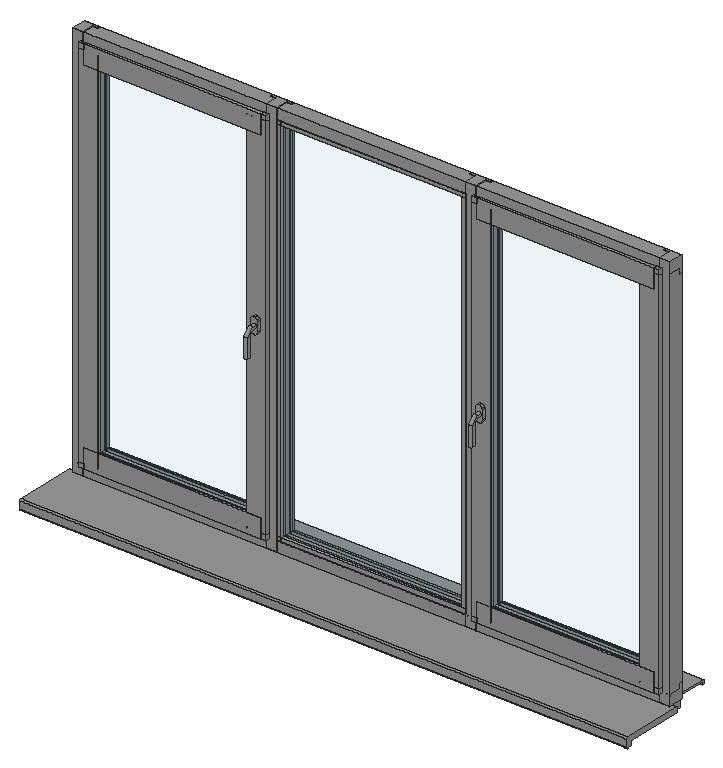
Revit family "deceuninck_okonniy_blok_trehstvorchatiy", category Окна, Revit 2016
Family settings
  Основа = Стена
  Номер OmniClass = 23.30.20.00
  Заголовок OmniClass = Windows
  Всегда вертикально = Да
  При загрузке вырезать с полостями = Нет
  Общий = Нет
  Точка расчета площади = Нет
Parameters (values of type "Энвин ЭКО-60")
  Ширина профиля = 60 mm
  Ширина проема [instance] = ADSK_Ширина рамы + Монтажный зазор.Левый + Монтажный зазор.Правый  # 2440 mm
  Шир прав створка [instance] = if(Одинковые створки, ADSK_Ширина рамы / 3, Створка правая.Ширина)  # 800 mm
  Шир лев створка [instance] = if(Одинковые створки, ADSK_Ширина рамы / 3, Створка левая.Ширина)  # 800 mm
  Четверть.Ширина [instance] = 65 mm
  Четверть.Правая [instance] = if(and(Четверть правая.Видимость, Четверть), Четверть.Ширина, 0 mm)  # 65 mm
  Четверть.Левая [instance] = if(and(Четверть левая.Видимость, Четверть), Четверть.Ширина, 0 mm)  # 65 mm
  Четверть.Глубина [instance] = 120 mm
  Четверть.Высота [instance] = 65 mm
  Четверть правая.Видимость [instance] = yes
  Четверть левая.Видимость [instance] = yes
  Четверть.Врхняя [instance] = if(Четверть, Четверть.Высота, 0 mm)  # 65 mm
  Четверть [instance] = yes
  Цвет профиля = ""
  Формула стеклопакета = ""
  Толщина стеклопакета = "32"
  Стеклопакет.Толщина = 32 mm
  Створка центральная [instance] = stvorka : Глухая
  Створка правая.Ширина [instance] = 800 mm
  Створка правая [instance] = stvorka : Поворотно-откидная право
  Створка центральная.Ширина [instance] = ADSK_Ширина рамы - Шир прав створка - Шир лев створка  # 800 mm
  Створка левая.Ширина [instance] = 800 mm
  Створка левая [instance] = stvorka : Поворотно-откидная лево
  Система фурнитуры [instance] = ""
  Расчетное значение ветровой нагрузки [instance] = 400
  Рама.Окно.Ширина [instance] = 2400 mm
  Рама.Окно.Высота [instance] = 1600 mm
  Профильная система = "Энвин ЭКО 60"
  Проем.Окно.Ширина [instance] = 2440 mm
  Проем.Окно.Высота [instance] = 1655 mm
  Приточный клапан [instance] = yes
  Watermarked By = ""
  Rough Width = 0 mm  # constant formula
  Rough Height = 0 mm  # constant formula
  Подоконник.Глубина [instance] = 0 mm
  Подоконник. Видимость [instance] = yes
  Подоконник [instance] = podokonnik : ПВХ 250
  Площаль элемента [instance] = ADSK_Ширина рамы * ADSK_Высота рамы / 1000000 mm  # 3.84 mm
  Отлив.Свес [instance] = 35 mm
  Отлив.Видимость [instance] = yes
  Откосы.Глубина [instance] = 310 mm
  Одинковые створки [instance] = no
  Огнестойкость = "Е-15"
  Наименование = "Окно 3-створчатое Энвин ЭКО-60"
  Монтажный зазор.Спереди [instance] = 10 mm
  Монтажный зазор.Правый [instance] = if(Четверть правая.Видимость, Монтажный зазор.Боковой, 0 mm)  # 20 mm
  Монтажный зазор.Низ [instance] = 10 mm
  Монтажный зазор.Левый [instance] = if(Четверть левая.Видимость, Монтажный зазор.Боковой, 0 mm)  # 20 mm
  Монтажный зазор.Верх [instance] = 20 mm
  Монтажный зазор.Боковой = 20 mm
  Материал-Стеклопакет = none
  Материал-Рама = none
  Материал-Подоконник = ПВХ, белый
  Материал-Отлив = Лист оцинкованый, белый
  Класс профиля = "Тип В"
  Завод-изготовитель [instance] = "ООО Декёнинк Рус, Россия"  # constant formula
  ГОСТ = "ГОСТ 30673-2013"
  Высота створки [instance] = ADSK_Высота рамы - 43 mm * 2  # 1514 mm
  Высота профиля створки = 76 mm
  Высота профиля рамы = 62 mm
  Высота профиля имоста = 82 mm
  Высота проема [instance] = ADSK_Высота рамы + 25 mm + Монтажный зазор.Верх + Монтажный зазор.Низ  # 1655 mm
  Height = 0 mm  # constant formula
  Высота подоконника по умолчанию = 800 mm
  Замыкание стены = По основе
  Width = 0 mm  # constant formula
  Артикул створки/армирование рстворки = "ZE 60D  /  AR1"
  Артикул рамы/армирование рамы = "LE 60D  /  AR1"
  Артикул импоста/армирование импоста = "TE 60D  /  20 x 35"
  Аналитическая конструкция = "<Нет>"
  λ краевой зоны стеклопакета = 0.0600 (m²·K)/W
  Rстеклопакета = 0.7600 (m²·K)/W
  Rпрофиля = 0.6800 (m²·K)/W
  Rпривед [instance] = 1 / (((Ширина профиля / 1000 mm) * (5.4 - 4 * (Ширина профиля / 1000 mm)) / (1.8 * Rпрофиля / Rед)) + ((1.2 - 2 * (Ширина профиля / 1000 mm)) * (1.5 - 2 * (Ширина профиля / 1000 mm)) / (1.8 * Rстеклопакета / Rед)) + (5.4 - 8 * (Ширина профиля / 1000 mm)) * (λ краевой зоны стеклопакета / Rед))  # 0.61064
  Rед = 1.0000 (m²·K)/W
  Iфактич [instance] = ""
  Iтреб [instance] = if(or(Шир лев створка > Шир прав створка, Шир лев створка = Шир прав створка), ((Расчетное значение ветровой нагрузки / 1000000) * ((ADSK_Высота рамы / 10) ^ 4) * (Шир лев створка / 20) / (1 mm * 1920 mm * 210000 mm * (ADSK_Высота рамы / 3000)) * (25 - (40 * ((Шир лев створка / ADSK_Высота рамы) ^ 2)) + (16 * ((Шир лев створка / ADSK_Высота рамы) ^ 4)))) + ((Расчетное значение ветровой нагрузки / 1000000) * ((ADSK_Высота рамы / 10) ^ 4) * (Створка центральная.Ширина / 20) / (1 mm * 1920 mm * 210000 mm * (ADSK_Высота рамы / 3000)) * (25 - (40 * ((Створка центральная.Ширина / ADSK_Высота рамы) ^ 2)) + (16 * ((Створка центральная.Ширина / ADSK_Высота рамы) ^ 4)))), ((Расчетное значение ветровой нагрузки / 1000000) * ((ADSK_Высота рамы / 10) ^ 4) * (Створка центральная.Ширина / 20) / (1 mm * 1920 mm * 210000 mm * (ADSK_Высота рамы / 3000)) * (25 - (40 * ((Створка центральная.Ширина / ADSK_Высота рамы) ^ 2)) + (16 * ((Створка центральная.Ширина / ADSK_Высота рамы) ^ 4)))) + ((Расчетное значение ветровой нагрузки / 1000000) * ((ADSK_Высота рамы / 10) ^ 4) * (Шир прав створка / 20) / (1 mm * 1920 mm * 210000 mm * (ADSK_Высота рамы / 3000)) * (25 - (40 * ((Шир прав створка / ADSK_Высота рамы) ^ 2)) + (16 * ((Шир прав створка / ADSK_Высота рамы) ^ 4)))))  # 1.56 mm
  ADSK_Ширина рамы [instance] = 2400 mm
  ADSK_Позиция [instance] = ""
  ADSK_Высота рамы [instance] = 1600 mm
Reference planes
  plane 1 "По центру (Вперед/Назад)": y = 0
  plane 2 "По центру (Влево/Вправо)": x = 0
  plane 3 "Подоконник": z = 800
  plane 4 "Наружный": y = 250
  plane 5 "Внутренние": y = -250
  plane 6: x = -1220
  plane 7: x = 1220
  plane 8: x = -1155
  plane 9: x = 1155
  plane 10: y = 130
  plane 11: z = 2400
  plane 12: x = -1200
  plane 13: x = 1200
  plane 14: z = 775
  plane 15: z = 2420
  plane 16: z = 765
  plane 17: z = 2355
  plane 18: y = 120
  plane 19: y = 60
  plane 20: x = -1138
  plane 21: x = 1138
  plane 22: z = 2338
  plane 23: z = 862
  plane 24: x = 400
  plane 25: x = 359
  plane 26: x = 441
  plane 27: y = 107
  plane 28: y = 70
  plane 29: y = 450
  plane 30: x = -400
  plane 31: x = -441
  plane 32: x = -359
Forms (mm)
  Extrusion 1, void
    sketch origin (0, -250, 0) x (1, 0, 0) y (0, 0, 1)
      loop
        line (-1220, 2420) -> (-1220, 765) -> (1220, 765) -> (1220, 2420) -> (-1220, 2420)
    from 0 to -380
  Extrusion 2, void
    sketch origin (-2200.521, 130, 1000) x (1, 0, 0) y (0, 0, 1)
      loop
        line (1045.521, 1355) -> (1045.521, -235) -> (3355.521, -235) -> (3355.521, 1355) -> (1045.521, 1355)
    from 0 to -320
  Extrusion 3, solid, material <- "Материал-Рама", detail levels fine
    sketch origin (0, 0, 800) x (0, -1, 0) y (-1, 0, 0)
      loop
        line (-120, 1200) -> (-120, 1138) -> (-107, 1138) -> (-107, 1158) -> (-60, 1158) -> (-60, 1200) -> (-120, 1200)
      loop
        line (-120, -1138) -> (-120, -1200) -> (-60, -1200) -> (-60, -1158) -> (-107, -1158) -> (-107, -1138) -> (-120, -1138)
    from 0 to -1600
  Extrusion 4, solid, material <- "Материал-Рама", detail levels fine
    sketch origin (-750, 0, 0) x (0, -1, 0) y (0, 0, 1)
      loop
        line (-60, 800) -> (-60, 842) -> (-107, 842) -> (-107, 862) -> (-120, 862) -> (-120, 800) -> (-60, 800)
      loop
        line (-60, 2358) -> (-60, 2400) -> (-120, 2400) -> (-120, 2338) -> (-107, 2338) -> (-107, 2358) -> (-60, 2358)
    from 450 to -1950
  Extrusion 5, solid, material <- "Материал-Рама", detail levels fine
    sketch origin (0, 0, 800) x (0, -1, 0) y (-1, 0, 0)
      loop
        line (-120, -359) -> (-120, -441) -> (-107, -441) -> (-107, -421) -> (-60, -421) -> (-60, -379) -> (-107, -379) -> (-107, -359) -> (-120, -359)
    from 0 to -1600
  Extrusion 6, solid, material <- "Материал-Рама"
    sketch origin (-233.865, 107, 2257) x (0, 0, 1) y (-1, 0, 0)
      loop
        line (-1457, 966.135) -> (-1482, 966.135) -> (-1482, -1433.865) -> (-1457, -1433.865) -> (-1457, 966.135)
    from 0 to 37
  Extrusion 7, solid, material "Лист оцинкованый, белый" <- "Материал-Отлив", visible <- "Отлив.Видимость", detail levels fine
    sketch origin (1155, 531.754, 1000) x (0, 1, 0) y (0, 0, 1)
      loop
        line (-424.754, -225) -> (-251.754, -225) -> (-251.754, -235) -> (-246.754, -235) -> (-246.754, -220) -> (-424.754, -215) -> (-424.754, -225)
    from 0 to -2310
  Extrusion 8, solid, detail levels medium
    sketch origin (0, 0, 800) x (0, -1, 0) y (-1, 0, 0)
      loop
        line (-120, 1200) -> (-120, 1138) -> (-60, 1138) -> (-60, 1200) -> (-120, 1200)
      loop
        line (-120, -1200) -> (-60, -1200) -> (-60, -1138) -> (-120, -1138) -> (-120, -1200)
    from 0 to -1600
  Extrusion 9, solid, detail levels medium
    sketch origin (-750, 0, 0) x (0, -1, 0) y (0, 0, 1)
      loop
        line (-120, 2400) -> (-120, 2338) -> (-60, 2338) -> (-60, 2400) -> (-120, 2400)
      loop
        line (-60, 800) -> (-60, 862) -> (-120, 862) -> (-120, 800) -> (-60, 800)
    from -1950 to 450
  Extrusion 10, solid, detail levels coarse
    sketch origin (-750, 0, 0) x (0, -1, 0) y (0, 0, 1)
      loop
        line (-120, 2290) -> (-47, 2290) -> (-47, 2400) -> (-120, 2400) -> (-120, 2290)
      loop
        line (-47, 800) -> (-47, 912) -> (-120, 912) -> (-120, 800) -> (-47, 800)
    from -1950 to 450
  Extrusion 11, solid, detail levels medium
    sketch origin (0, 0, 800) x (0, -1, 0) y (-1, 0, 0)
      loop
        line (-120, -379) -> (-120, -421) -> (-60, -421) -> (-60, -379) -> (-120, -379)
    from 0 to -1600
  Extrusion 12, solid, detail levels fine
    sketch origin (0, 0, 800) x (0, -1, 0) y (-1, 0, 0)
      loop
        line (-120, 441) -> (-120, 359) -> (-107, 359) -> (-107, 379) -> (-60, 379) -> (-60, 421) -> (-107, 421) -> (-107, 441) -> (-120, 441)
    from 0 to -1600
  Extrusion 13, solid, detail levels medium
    sketch origin (0, 0, 0) x (1, 0, 0) y (0, 1, 0)
      loop
        line (-421, 120) -> (-421, 60) -> (-379, 60) -> (-379, 120) -> (-421, 120)
    from 800 to 2400
  Extrusion 14, solid, detail levels coarse
    sketch origin (0, 0, 0) x (1, 0, 0) y (0, 1, 0)
      loop
        line (311, 120) -> (311, 47) -> (489, 47) -> (489, 120) -> (311, 120)
    from 800 to 2400
  Extrusion 15, solid, detail levels coarse
    sketch origin (0, 0, 0) x (1, 0, 0) y (0, 1, 0)
      loop
        line (-489, 120) -> (-489, 47) -> (-311, 47) -> (-311, 120) -> (-489, 120)
    from 800 to 2400
  Extrusion 16, solid, detail levels coarse
    sketch origin (0, 0, 0) x (1, 0, 0) y (0, 1, 0)
      loop
        line (-1200, 120) -> (-1200, 47) -> (-1090, 47) -> (-1090, 120) -> (-1200, 120)
      loop
        line (1090, 120) -> (1090, 47) -> (1200, 47) -> (1200, 120) -> (1090, 120)
    from 800 to 2400
Lines and regions (mm)
  symbolic lines, style "Windows"
    curve 1: line (-1200, 130, 0) -> (1200, 130, 0)
Text (mm)
  text "Наружный" at (0, 923.751, 2943.296), in view "Справа"
  text "Наружный" at (0, 1040.484, 2685.409), in view "Слева"
Dimensions and locks
  "Высота подоконника по умолчанию": plane 3 "Подоконник" to level
  locked: plane 4 "Наружный" to host wall at 0
  locked: plane 5 "Внутренние" to host wall
  "Четверть.Глубина": plane 10 to plane 4 "Наружный"
  "ADSK_Высота рамы": plane 11 to plane 3 "Подоконник"
  "Монтажный зазор.Верх": plane 15 to plane 11
  locked: plane 3 "Подоконник" to plane 14 at 25
  "Монтажный зазор.Низ": plane 14 to plane 16
  "Четверть.Врхняя": plane 15 to plane 17
  equal spacing: plane 13, plane 2 "По центру (Влево/Вправо)", plane 12
  "ADSK_Ширина рамы": plane 13 to plane 12
  "Четверть.Левая": plane 8 to plane 6
  "Четверть.Правая": plane 7 to plane 9
  "Монтажный зазор.Левый": plane 12 to plane 6
  "Монтажный зазор.Правый": plane 13 to plane 7
  "Монтажный зазор.Спереди": plane 10 to plane 18
  "Ширина профиля": plane 18 to plane 19
  "Высота профиля рамы": plane 12 to plane 20
  locked: Extrusion 3 sketch curve to Extrusion 3 sketch curve at 13  (x2)
  locked: Extrusion 3 sketch curve to Extrusion 3 sketch curve at 20  (x2)
  "Высота профиля рамы": plane 21 to plane 13
  "Высота профиля рамы": plane 11 to plane 22
  "Высота профиля рамы": plane 3 "Подоконник" to plane 23
  locked: Extrusion 4 sketch curve to Extrusion 4 sketch curve at 13  (x2)
  locked: Extrusion 4 sketch curve to Extrusion 4 sketch curve at 20  (x2)
  equal spacing: plane 25, plane 24, plane 26
  "Высота профиля имоста": plane 25 to plane 26
  locked: Extrusion 5 sketch curve to plane 26 at 20
  locked: plane 25 to Extrusion 5 sketch curve at 20
  locked: plane 18 to plane 27 at 13
  locked: plane 28 to plane 19 at 10
  locked: Extrusion 7 sketch curve to Extrusion 7 sketch curve at 5  (x2)
  locked: Extrusion 7 sketch curve to Extrusion 7 sketch curve at 10
  "Отлив.Свес": Extrusion 7 to plane 4 "Наружный"
  locked: plane 4 "Наружный" to plane 29 at 200
  "Шир лев створка": plane 30 to plane 12
  equal spacing: plane 31, plane 30, plane 32
  "Высота профиля имоста": plane 31 to plane 32
  locked: Extrusion 12 sketch curve to Extrusion 12 sketch curve at 20  (x2)
  "Шир прав створка": plane 24 to plane 13
  "Откосы.Глубина": plane 19 to plane 5 "Внутренние"
  "Проем.Окно.Высота": plane 15 to plane 16
  "Рама.Окно.Высота": plane 11 to plane 3 "Подоконник"
  "Проем.Окно.Ширина": plane 7 to plane 6
  "Рама.Окно.Ширина": plane 13 to plane 12
  aligned and locked: Extrusion 1 sketch curve to plane 15
  aligned and locked: Extrusion 1 sketch curve to plane 6
  aligned and locked: Extrusion 1 sketch curve to plane 7
  aligned and locked: Extrusion 1 sketch curve to plane 16
  aligned and locked: plane 10 to Extrusion 1
  aligned and locked: Extrusion 2 sketch curve to plane 17
  aligned and locked: Extrusion 2 sketch curve to plane 8
  aligned and locked: Extrusion 2 sketch curve to plane 9
  aligned and locked: Extrusion 2 sketch curve to plane 16
  aligned and locked: Extrusion 3 sketch curve to plane 18
  aligned and locked: Extrusion 3 sketch curve to plane 19
  aligned and locked: Extrusion 3 sketch curve to plane 20
  aligned and locked: Extrusion 3 sketch curve to plane 12
  aligned and locked: plane 18 to Extrusion 3 sketch curve
  aligned and locked: plane 19 to Extrusion 3 sketch curve
  aligned and locked: Extrusion 3 sketch curve to plane 13
  aligned and locked: Extrusion 3 sketch curve to plane 21
  aligned and locked: plane 11 to Extrusion 3
  aligned and locked: Extrusion 4 sketch curve to plane 19  (x2)
  aligned and locked: Extrusion 4 sketch curve to plane 18  (x2)
  aligned and locked: Extrusion 4 sketch curve to plane 23
  aligned and locked: Extrusion 4 sketch curve to plane 3 "Подоконник"
  aligned and locked: Extrusion 4 sketch curve to plane 22
  aligned and locked: Extrusion 4 sketch curve to plane 11
  aligned and locked: Extrusion 4 to plane 13
  aligned and locked: Extrusion 4 to plane 12
  aligned and locked: Extrusion 5 sketch curve to plane 18
  aligned and locked: Extrusion 5 sketch curve to plane 19
  aligned and locked: plane 11 to Extrusion 5
  aligned and locked: plane 27 to nested 1
  aligned and locked: nested 1 to Extrusion 4
  aligned and locked: nested 1 to Extrusion 3
  aligned and locked: Extrusion 5 to nested 1
  aligned and locked: nested 2 to Extrusion 4
  aligned and locked: plane 27 to nested 2
  aligned and locked: Extrusion 3 to nested 2
  aligned and locked: Extrusion 6 sketch curve to plane 12
  aligned and locked: Extrusion 6 sketch curve to plane 3 "Подоконник"
  aligned and locked: Extrusion 6 sketch curve to plane 14
  aligned and locked: plane 13 to Extrusion 6 sketch curve
  aligned and locked: plane 28 to Extrusion 6
  aligned and locked: nested 3 to plane 3 "Подоконник"
  aligned and locked: plane 28 to nested 3
  aligned and locked: nested 3 to plane 2 "По центру (Влево/Вправо)"
  aligned and locked: plane 14 to Extrusion 7 sketch curve
  aligned and locked: Extrusion 7 to plane 8
  aligned and locked: plane 27 to Extrusion 7 sketch curve
  aligned and locked: plane 29 to Extrusion 2
  aligned and locked: curve 1 to plane 10
  aligned and locked: plane 11 to Extrusion 8
  aligned and locked: Extrusion 9 sketch curve to plane 11
  aligned and locked: Extrusion 9 sketch curve to plane 22
  aligned and locked: Extrusion 9 sketch curve to plane 19  (x2)
  aligned and locked: Extrusion 9 sketch curve to plane 18  (x2)
  aligned and locked: Extrusion 9 sketch curve to plane 3 "Подоконник"
  aligned and locked: Extrusion 9 sketch curve to plane 23
  aligned and locked: Extrusion 9 to plane 13
  aligned and locked: Extrusion 8 sketch curve to plane 20
  aligned and locked: Extrusion 8 sketch curve to plane 19  (x2)
  aligned and locked: Extrusion 8 sketch curve to plane 12
  aligned and locked: plane 13 to Extrusion 8 sketch curve
  aligned and locked: plane 21 to Extrusion 8 sketch curve
  aligned and locked: Extrusion 10 sketch curve to plane 18
  aligned and locked: Extrusion 10 sketch curve to plane 11
  aligned and locked: Extrusion 10 sketch curve to nested 2
  aligned and locked: Extrusion 10 sketch curve to plane 3 "Подоконник"
  aligned and locked: nested 2 to Extrusion 10 sketch curve
  aligned and locked: Extrusion 10 to plane 13
  aligned and locked: Extrusion 8 sketch curve to plane 18  (x2)
  aligned and locked: Extrusion 11 sketch curve to Extrusion 5  (x3)
  aligned and locked: plane 11 to Extrusion 11
  aligned and locked: Extrusion 10 to plane 12
  aligned and locked: Extrusion 9 to plane 12
  aligned and locked: Extrusion 12 sketch curve to plane 18
  aligned and locked: Extrusion 12 sketch curve to plane 19
  aligned and locked: Extrusion 12 sketch curve to plane 32
  aligned and locked: Extrusion 12 sketch curve to plane 31
  aligned and locked: Extrusion 12 sketch curve to plane 27  (x2)
  aligned and locked: plane 3 "Подоконник" to Extrusion 12
  aligned and locked: plane 3 "Подоконник" to Extrusion 5
  aligned and locked: plane 11 to Extrusion 12
  aligned and locked: nested 2 to Extrusion 12
  aligned and locked: nested 4 to Extrusion 4
  aligned and locked: plane 27 to nested 4
  aligned and locked: Extrusion 12 to nested 4
  aligned and locked: nested 4 to Extrusion 5
  aligned and locked: Extrusion 13 sketch curve to Extrusion 12  (x3)
  aligned and locked: Extrusion 12 to Extrusion 13 sketch curve
  aligned and locked: plane 11 to Extrusion 13
  aligned and locked: plane 3 "Подоконник" to Extrusion 13
  aligned and locked: Extrusion 14 sketch curve to plane 18
  aligned and locked: Extrusion 10 to Extrusion 14 sketch curve
  aligned and locked: Extrusion 14 sketch curve to nested 4
  aligned and locked: nested 1 to Extrusion 14 sketch curve
  aligned and locked: Extrusion 15 sketch curve to nested 2
  aligned and locked: nested 4 to Extrusion 15 sketch curve
  aligned and locked: Extrusion 10 to Extrusion 15 sketch curve
  aligned and locked: Extrusion 15 sketch curve to plane 18
  aligned and locked: plane 11 to Extrusion 15
  aligned and locked: plane 3 "Подоконник" to Extrusion 15
  aligned and locked: plane 3 "Подоконник" to Extrusion 14
  aligned and locked: plane 11 to Extrusion 14
  aligned and locked: Extrusion 16 sketch curve to plane 12
  aligned and locked: nested 2 to Extrusion 16 sketch curve
  aligned and locked: Extrusion 16 sketch curve to plane 18  (x2)
  aligned and locked: Extrusion 16 sketch curve to Extrusion 10
  aligned and locked: Extrusion 10 to Extrusion 16 sketch curve
  aligned and locked: plane 13 to Extrusion 16 sketch curve
  aligned and locked: Extrusion 16 sketch curve to nested 1
  aligned and locked: plane 11 to Extrusion 16
  aligned and locked: plane 3 "Подоконник" to Extrusion 16
Automatic sketch dimensions
  host wall to Extrusion 7 sketch curve = 30 mm
  Extrusion 7 sketch curve to Extrusion 7 sketch curve = 10 mm
  curve 1 to plane 12 = 0 mm
  curve 1 to plane 13 = 0 mm
  plane 27 to Extrusion 5 sketch curve = 0 mm  (x2)
  Extrusion 5 sketch curve to plane 25 = 0 mm
  Extrusion 5 sketch curve to plane 26 = 0 mm
  Extrusion 10 sketch curve to plane 18 = 0 mm
  Extrusion 10 sketch curve to plane 19 = 13 mm  (x2)
  Extrusion 11 sketch curve to plane 18 = 0 mm
Nested families
  nested 1: "stvorka" at (789.5, 107, 844), Профиль.Ширина <- "Ширина профиля", Створка.Высота <- "Высота створки", type <- "Створка правая", Стеклопакет.Толщина <- "Стеклопакет.Толщина", Профиль.Высота <- "Высота профиля створки", type "Поворотно-откидная право"
    with Стеклопакет.Толщина 32 mm, Створка.Ширина 737 mm, Створка.Высота 1514 mm, Ручка.Расстояние от низа створки 757 mm, Профиль.Ширина 60 mm, Профиль.Высота 76 mm, Материал.Профиль none
  nested 2: "stvorka" at (-789.5, 107, 844), Профиль.Ширина <- "Ширина профиля", Створка.Высота <- "Высота створки", type <- "Створка левая", Стеклопакет.Толщина <- "Стеклопакет.Толщина", Профиль.Высота <- "Высота профиля створки", type "Поворотно-откидная лево"
    with Стеклопакет.Толщина 32 mm, Створка.Ширина 737 mm, Створка.Высота 1514 mm, Ручка.Расстояние от низа створки 757 mm, Профиль.Ширина 60 mm, Профиль.Высота 76 mm, Материал.Профиль none
  nested 3: "podokonnik" at (0, 70, 800), Материал-Подоконник <- "Материал-Подоконник", Длина подоконника <- "Ширина проема", type <- "Подоконник", visible <- "Подоконник. Видимость", type "ПВХ 250", detail levels fine
    with Материал-Подоконник ПВХ, белый, Длина подоконника 2440 mm
  nested 4: "stvorka" at (0, 107, 844), Профиль.Ширина <- "Ширина профиля", Створка.Высота <- "Высота створки", Стеклопакет.Толщина <- "Стеклопакет.Толщина", type <- "Створка центральная", Профиль.Высота <- "Высота профиля створки", type "Глухая"
    with Стеклопакет.Толщина 32 mm, Створка.Ширина 758 mm, Створка.Высота 1514 mm, Ручка.Расстояние от низа створки 757 mm, Профиль.Ширина 60 mm, Профиль.Высота 76 mm, Материал.Профиль none
Definition of nested family "stvorka"
  Parameters (values of type "Поворотно-откидная лево")
    Стеклопакет.Толщина [instance] = 32 mm
    Створка.Ширина [instance] = 700 mm
    Створка.Открытие = not(Створка.Глухая)  # yes
    Створка.Высота [instance] = 1400 mm
    Ручка.Расстояние от низа створки [instance] = Створка.Высота / 2  # 700 mm
    Ручка справа = yes
    Ручка снизу = no
    Ручка слева = no
    Ручка сверху. = no
    Профиль.Ширина [instance] = 58 mm
    Профиль.Высота [instance] = 77 mm
    Открывание правое = no
    Открывание низ = no
    Открывание левое = yes
    Открывание верх = yes
    Створка.Глухая = no
    Материал.Стеклопакет = none
    Материал.Профиль [instance] = none
    Watermarked By = ""
    Type Comments = "﻿﻿              ​     ​                                                 ​     ﻿                                       ​  ﻿﻿          ﻿﻿            ﻿﻿   ﻿        ﻿          ﻿﻿"
    Keynote = "﻿﻿              ​     ​                                                 ​     ﻿                                       ​  ﻿﻿          ﻿﻿            ﻿﻿   ﻿        ﻿          ﻿﻿"
    Description = "﻿﻿              ​     ​                                                 ​     ﻿                                       ​  ﻿﻿          ﻿﻿            ﻿﻿   ﻿        ﻿          ﻿﻿"
    Assembly Code = "﻿﻿              ​     ​                                                 ​     ﻿                                       ​  ﻿﻿          ﻿﻿            ﻿﻿   ﻿        ﻿          ﻿﻿"
    Analytic Construction = "<Нет>"
  Types (5, lengths in mm): name | Створка.Ширина | Створка.Открытие | Створка.Высота | Ручка.Расстояние от низа створки | Ручка справа | Ручка слева | Открывание правое | Открывание левое | Открывание верх | Створка.Глухая
    Глухая | 600 | no | 1500 | 750 | no | no | no | no | no | yes
    Поворотная право | 600 | yes | 1500 | 750 | no | yes | yes | no | no | no
    Поворотная лево | 600 | yes | 1500 | 750 | yes | no | no | yes | no | no
    Поворотно-откидная право | 600 | yes | 1500 | 750 | no | yes | yes | no | yes | no
    Поворотно-откидная лево | 700 | yes | 1400 | 700 | yes | no | no | yes | yes | no
  Reference planes
    plane 1 "По центру (Вперед/Назад)": y = 0
    plane 2: z = 0
    plane 3 "По центру (Влево/Вправо)": x = 0
    plane 4: x = -338
    plane 5: x = 338
    plane 6: y = -58
    plane 7: z = 1400
    plane 8: y = -16
    plane 9: y = -48
    plane 10: y = -51
    plane 11: x = -350
    plane 12: x = 350
    plane 13: z = 12
    plane 14: z = -8
    plane 15: z = 1408
    plane 16: z = 1388
    plane 17: z = 700
    plane 18: x = -358
    plane 19: x = -281
    plane 20: x = 358
    plane 21: x = 281
    plane 22: z = 1331
    plane 23: z = 69
    plane 24: z = 700
  Forms (mm)
    Extrusion 1, solid, material <- "Материал.Профиль", visible <- "Створка.Открытие", detail levels fine
      sketch origin (0, 0, 0) x (1, 0, 0) y (0, 1, 0)
        loop
          line (-338, 0) -> (-338, -45) -> (-358, -45) -> (-358, -58) -> (-281, -58) -> (-281, -51) -> (-301, -51) -> (-301, -13) -> (-281, -13) -> (-284, 0) -> (-338, 0)
        loop
          line (338, 0) -> (284, 0) -> (281, -13) -> (301, -13) -> (301, -51) -> (281, -51) -> (281, -58) -> (358, -58) -> (358, -45) -> (338, -45) -> (338, 0)
      from 12 to 1388
    Extrusion 2, solid, visible <- "Створка.Открытие", detail levels fine
      sketch origin (0, 0, 0) x (1, 0, 0) y (0, 1, 0)
        loop
          line (-301, -13) -> (-301, -51) -> (-281, -51) -> (-281, -48) -> (-291, -48) -> (-291, -16) -> (-281, -16) -> (-281, -13) -> (-301, -13)
        loop
          line (301, -13) -> (281, -13) -> (281, -16) -> (291, -16) -> (291, -48) -> (281, -48) -> (281, -51) -> (301, -51) -> (301, -13)
      from 49 to 1351
    Extrusion 3, solid, material <- "Материал.Профиль", visible <- "Створка.Открытие", detail levels fine
      sketch origin (0, 0, 12) x (0, 1, 0) y (0, 0, 1)
        loop
          line (-58, 57) -> (-58, -20) -> (-45, -20) -> (-45, 0) -> (0, 0) -> (0, 54) -> (-13, 57) -> (-13, 37) -> (-51, 37) -> (-51, 57) -> (-58, 57)
        loop
          line (-58, 1319) -> (-51, 1319) -> (-51, 1339) -> (-13, 1339) -> (-13, 1319) -> (0, 1322) -> (0, 1376) -> (-45, 1376) -> (-45, 1396) -> (-58, 1396) -> (-58, 1319)
      from -338 to 338
    Extrusion 4, solid, visible <- "Створка.Открытие", detail levels fine
      sketch origin (0, 0, 0) x (0, 1, 0) y (0, 0, 1)
        loop
          line (-16, 69) -> (-16, 59) -> (-48, 59) -> (-48, 69) -> (-51, 69) -> (-51, 49) -> (-13, 49) -> (-13, 69) -> (-16, 69)
        loop
          line (-51, 1351) -> (-51, 1331) -> (-48, 1331) -> (-48, 1341) -> (-16, 1341) -> (-16, 1331) -> (-13, 1331) -> (-13, 1351) -> (-51, 1351)
      from -301 to 301
    Extrusion 5, solid, material <- "Материал.Профиль", visible <- "Створка.Открытие", detail levels fine
      sketch origin (-963, -48, 1200) x (-1, 0, 0) y (0, 0, 1)
        loop
          line (-605, 208) -> (-625, 208) -> (-625, 188) -> (-605, 188) -> (-605, 208)
        loop
          line (-1301, 208) -> (-1321, 208) -> (-1321, 188) -> (-1301, 188) -> (-1301, 208)
        loop
          line (-625, -1188) -> (-625, -1208) -> (-605, -1208) -> (-605, -1188) -> (-625, -1188)
        loop
          line (-1321, -1188) -> (-1321, -1208) -> (-1301, -1208) -> (-1301, -1188) -> (-1321, -1188)
      from 3 to -10
    Extrusion 6, solid, material <- "Материал.Стеклопакет", visible <- "Створка.Открытие"
      sketch origin (0, -16, 59) x (0, -1, 0) y (1, 0, 0)
        loop
          line (0, 291) -> (0, -291) -> (32, -291) -> (32, 291) -> (0, 291)
      from 0 to 1282
    Extrusion 7, solid, material <- "Материал.Профиль", visible <- "Створка.Открытие", detail levels medium
      sketch origin (0, 0, 0) x (1, 0, 0) y (0, 1, 0)
        loop
          line (-281, 0) -> (-358, 0) -> (-358, -58) -> (-281, -58) -> (-281, 0)
        loop
          line (358, 0) -> (281, 0) -> (281, -58) -> (358, -58) -> (358, 0)
      from 12 to 1388
    Extrusion 8, solid, material <- "Материал.Профиль", visible <- "Створка.Открытие", detail levels medium
      sketch origin (0, 0, 0) x (0, 1, 0) y (0, 0, 1)
        loop
          line (0, 1408) -> (-58, 1408) -> (-58, 1331) -> (0, 1331) -> (0, 1408)
        loop
          line (0, 69) -> (-58, 69) -> (-58, -8) -> (0, -8) -> (0, 69)
      from -358 to 358
    Extrusion 9, solid, material <- "Материал.Профиль", visible <- "Створка.Глухая", detail levels fine
      sketch origin (0, 0, 0) x (0, 1, 0) y (0, 0, 1)
        loop
          line (-45, 1400) -> (-45, 1383) -> (-38, 1380) -> (-38, 1400) -> (-45, 1400)
        loop
          line (-45, 0) -> (-38, 0) -> (-38, 20) -> (-45, 17) -> (-45, 0)
      from -350 to 350
    Extrusion 10, solid, visible <- "Створка.Глухая", detail levels fine
      sketch origin (0, 0, 0) x (0, 1, 0) y (0, 0, 1)
        loop
          line (0, 1400) -> (-38, 1400) -> (-38, 1380) -> (-35, 1380) -> (-35, 1390) -> (-3, 1390) -> (-3, 1380) -> (0, 1380) -> (0, 1400)
        loop
          line (0, 0) -> (0, 20) -> (-3, 20) -> (-3, 10) -> (-35, 10) -> (-35, 20) -> (-38, 20) -> (-38, 0) -> (0, 0)
      from -350 to 350
    Extrusion 11, solid, visible <- "Створка.Глухая", detail levels fine
      sketch origin (0, 0, 0) x (1, 0, 0) y (0, 1, 0)
        loop
          line (-350, 0) -> (-350, -38) -> (-330, -38) -> (-330, -35) -> (-340, -35) -> (-340, -3) -> (-330, -3) -> (-330, 0) -> (-350, 0)
        loop
          line (350, 0) -> (330, 0) -> (330, -3) -> (340, -3) -> (340, -35) -> (330, -35) -> (330, -38) -> (350, -38) -> (350, 0)
      from 0 to 1400
    Extrusion 12, solid, material <- "Материал.Профиль", visible <- "Створка.Глухая", detail levels fine
      sketch origin (0, 0, 0) x (1, 0, 0) y (0, 1, 0)
        loop
          line (-350, -38) -> (-350, -45) -> (-333, -45) -> (-330, -38) -> (-350, -38)
        loop
          line (350, -38) -> (330, -38) -> (333, -45) -> (350, -45) -> (350, -38)
      from 0 to 1400
    Extrusion 13, solid, material <- "Материал.Стеклопакет", visible <- "Створка.Глухая"
      sketch origin (0, 0, 0) x (1, 0, 0) y (0, 1, 0)
        loop
          line (-340, -3) -> (-340, -35) -> (340, -35) -> (340, -3) -> (-340, -3)
      from 10 to 1390
    Extrusion 14, solid, material <- "Материал.Профиль", visible <- "Створка.Глухая", detail levels medium
      sketch origin (0, 0, 0) x (1, 0, 0) y (0, 1, 0)
        loop
          line (-330, 0) -> (-350, 0) -> (-350, -45) -> (-330, -45) -> (-330, 0)
        loop
          line (350, 0) -> (330, 0) -> (330, -45) -> (350, -45) -> (350, 0)
      from 0 to 1400
    Extrusion 15, solid, material <- "Материал.Профиль", visible <- "Створка.Глухая", detail levels medium
      sketch origin (-350, 682.027, 1200) x (0, 1, 0) y (0, 0, 1)
        loop
          line (-682.027, 180) -> (-682.027, 200) -> (-727.027, 200) -> (-727.027, 180) -> (-682.027, 180)
        loop
          line (-682.027, -1200) -> (-682.027, -1180) -> (-727.027, -1180) -> (-727.027, -1200) -> (-682.027, -1200)
      from 0 to 700
  Lines and regions (mm)
    symbolic lines, visible <- "Открывание правое"
      curve 1: line (281, 0, 1331) -> (-281, 0, 700)
      curve 2: line (-281, 0, 700) -> (281, 0, 69)
    symbolic lines, visible <- "Открывание левое"
      curve 3: line (-281, 0, 1331) -> (281, 0, 700)
      curve 4: line (281, 0, 700) -> (-281, 0, 69)
    symbolic lines, visible <- "Открывание верх"
      curve 5: line (-281, 0, 69) -> (0, 0, 1331)
      curve 6: line (0, 0, 1331) -> (281, 0, 69)
    symbolic lines, visible <- "Открывание низ"
      curve 7: line (-281, 0, 1331) -> (0, 0, 69)
      curve 8: line (0, 0, 69) -> (281, 0, 1331)
    symbolic lines, visible <- "Створка.Глухая"
      curve 9: line (0, 0, 650) -> (0, 0, 750)
      curve 10: line (-50, 0, 700) -> (50, 0, 700)
  Dimensions and locks
    locked: Extrusion 1 sketch curve to Extrusion 1 sketch curve at 13  (x2)
    "Профиль.Ширина": plane 1 "По центру (Вперед/Назад)" to plane 6
    "Стеклопакет.Толщина": plane 8 to plane 9
    locked: plane 8 to plane 1 "По центру (Вперед/Назад)" at 16
    locked: Extrusion 1 to Extrusion 2 sketch curve at 10
    locked: Extrusion 2 sketch curve to Extrusion 1 at 10
    locked: plane 9 to plane 10 at 3
    locked: Extrusion 3 sketch curve to Extrusion 3 sketch curve at 13  (x2)
    locked: Extrusion 4 sketch curve to Extrusion 3 at 10  (x2)
    "Створка.Высота": plane 7 to plane 2
    locked: plane 4 to plane 11 at 12
    locked: plane 12 to plane 5 at 12
    equal spacing: plane 12, plane 3 "По центру (Влево/Вправо)", plane 11
    "Створка.Ширина": plane 12 to plane 11
    locked: plane 15 to plane 7 at 8
    locked: plane 7 to plane 16 at 12
    locked: plane 2 to plane 14 at 8
    locked: plane 13 to plane 2 at 12
    "Профиль.Высота": plane 18 to plane 19
    "Профиль.Высота": plane 21 to plane 20
    locked: plane 21 to Extrusion 2 at 20
    "Профиль.Высота": plane 22 to plane 15
    locked: plane 11 to plane 18 at 8
    locked: plane 20 to plane 12 at 8
    locked: Extrusion 2 to plane 19 at 20
    "Профиль.Высота": plane 23 to plane 14
    "Ручка.Расстояние от низа створки": plane 17 to plane 2
    locked: nested 3 to plane 13 at 18.5
    locked: nested 4 to plane 16 at 18.5
    locked: nested 1 to plane 4 at 18.5
    locked: plane 5 to nested 2 at 18.5
    equal spacing: plane 7, plane 24, plane 2
    locked: Extrusion 10 sketch curve to Extrusion 10 sketch curve at 20  (x2)
    locked: plane 1 "По центру (Вперед/Назад)" to Extrusion 10 sketch curve at 3  (x2)
    "Стеклопакет.Толщина": Extrusion 10 sketch curve to Extrusion 10 sketch curve  (x2)
    locked: plane 11 to Extrusion 11 sketch curve at 10
    locked: Extrusion 11 sketch curve to Extrusion 11 sketch curve at 3  (x2)
    locked: Extrusion 11 sketch curve to plane 1 "По центру (Вперед/Назад)" at 3
    "Стеклопакет.Толщина": Extrusion 11 sketch curve to Extrusion 11 sketch curve  (x2)
    locked: Extrusion 11 sketch curve to plane 12 at 10
    locked: Extrusion 1 to Extrusion 11 sketch curve at 3
    locked: Extrusion 14 to Extrusion 15 sketch curve at 20  (x2)
    locked: Extrusion 11 to Extrusion 14 sketch curve at 20
    locked: Extrusion 14 sketch curve to Extrusion 14 sketch curve at 20
    curve 9 to plane 24 to curve 9 = 50 mm locked, 50 mm locked
    curve 10 to plane 3 "По центру (Влево/Вправо)" to curve 10 = 50 mm locked, 50 mm locked
    locked: Extrusion 7 to Extrusion 1 sketch curve at 13  (x2)
    locked: Extrusion 3 sketch curve to Extrusion 8 at 13  (x2)
    locked: Extrusion 4 to plane 23 at 20
    locked: Extrusion 4 to plane 22 at 20
    locked: Extrusion 14 to Extrusion 13 at 10
    locked: Extrusion 10 sketch curve to Extrusion 13 at 10
    aligned and locked: level to plane 2
    aligned and locked: Extrusion 1 sketch curve to plane 4
    aligned and locked: plane 6 to Extrusion 1 sketch curve
    aligned and locked: plane 1 "По центру (Вперед/Назад)" to Extrusion 1 sketch curve
    aligned and locked: plane 10 to Extrusion 1 sketch curve
    aligned and locked: Extrusion 2 sketch curve to Extrusion 1  (x9)
    aligned and locked: Extrusion 2 sketch curve to plane 9
    aligned and locked: Extrusion 2 sketch curve to plane 8
    aligned and locked: Extrusion 1 sketch curve to plane 5
    aligned and locked: Extrusion 1 sketch curve to plane 6
    aligned and locked: Extrusion 1 sketch curve to plane 1 "По центру (Вперед/Назад)"
    aligned and locked: Extrusion 1 to Extrusion 2 sketch curve
    aligned and locked: plane 6 to Extrusion 3 sketch curve
    aligned and locked: plane 1 "По центру (Вперед/Назад)" to Extrusion 3 sketch curve
    aligned and locked: plane 10 to Extrusion 3 sketch curve
    aligned and locked: plane 13 to Extrusion 3
    aligned and locked: plane 8 to Extrusion 4 sketch curve  (x2)
    aligned and locked: plane 9 to Extrusion 4 sketch curve
    aligned and locked: Extrusion 4 sketch curve to Extrusion 3  (x8)
    aligned and locked: Extrusion 3 to Extrusion 4 sketch curve  (x2)
    aligned and locked: plane 5 to Extrusion 3
    aligned and locked: plane 14 to Extrusion 3
    aligned and locked: Extrusion 3 to plane 4
    aligned and locked: Extrusion 4 to Extrusion 1  (x2)
    aligned and locked: Extrusion 2 to Extrusion 4
    aligned and locked: Extrusion 3 sketch curve to plane 6
    aligned and locked: Extrusion 3 sketch curve to plane 1 "По центру (Вперед/Назад)"
    aligned and locked: plane 15 to Extrusion 3 sketch curve
    aligned and locked: Extrusion 2 to Extrusion 4 sketch curve
    aligned and locked: Extrusion 1 to Extrusion 3  (x2)
    aligned and locked: Extrusion 5 sketch curve to plane 15
    aligned and locked: Extrusion 5 sketch curve to plane 16
    aligned and locked: Extrusion 5 sketch curve to plane 4
    aligned and locked: Extrusion 5 to plane 6
    aligned and locked: Extrusion 2 to Extrusion 3
    aligned and locked: plane 5 to Extrusion 5 sketch curve  (x2)
    aligned and locked: plane 16 to Extrusion 5 sketch curve
    aligned and locked: plane 15 to Extrusion 5 sketch curve
    aligned and locked: plane 18 to Extrusion 1 sketch curve
    aligned and locked: Extrusion 1 sketch curve to plane 19
    aligned and locked: plane 21 to Extrusion 1 sketch curve
    aligned and locked: Extrusion 1 sketch curve to plane 20
    aligned and locked: Extrusion 3 sketch curve to plane 14
    aligned and locked: plane 13 to Extrusion 3 sketch curve
    aligned and locked: Extrusion 3 sketch curve to plane 23
    aligned and locked: plane 22 to Extrusion 3 sketch curve
    aligned and locked: Extrusion 3 sketch curve to plane 16
    aligned and locked: Extrusion 6 sketch curve to plane 8
    aligned and locked: Extrusion 6 sketch curve to plane 9
    aligned and locked: Extrusion 6 sketch curve to Extrusion 2  (x2)
    aligned and locked: Extrusion 6 to Extrusion 4
    aligned and locked: plane 4 to Extrusion 5 sketch curve
    aligned and locked: plane 18 to Extrusion 5 sketch curve
    aligned and locked: plane 13 to Extrusion 5 sketch curve  (x2)
    aligned and locked: plane 14 to Extrusion 5 sketch curve  (x2)
    aligned and locked: Extrusion 5 sketch curve to plane 20
    aligned and locked: Extrusion 7 sketch curve to plane 1 "По центру (Вперед/Назад)"  (x2)
    aligned and locked: Extrusion 7 sketch curve to plane 6  (x2)
    aligned and locked: Extrusion 7 sketch curve to plane 18
    aligned and locked: Extrusion 7 sketch curve to plane 19
    aligned and locked: plane 20 to Extrusion 7 sketch curve
    aligned and locked: plane 21 to Extrusion 7 sketch curve
    aligned and locked: Extrusion 7 to Extrusion 1
    aligned and locked: Extrusion 1 to plane 16
    aligned and locked: Extrusion 7 to Extrusion 3
    aligned and locked: plane 1 "По центру (Вперед/Назад)" to Extrusion 8 sketch curve  (x2)
    aligned and locked: plane 6 to Extrusion 8 sketch curve  (x2)
    aligned and locked: plane 15 to Extrusion 8 sketch curve
    aligned and locked: plane 22 to Extrusion 8 sketch curve
    aligned and locked: Extrusion 8 sketch curve to plane 23
    aligned and locked: plane 14 to Extrusion 8 sketch curve
    aligned and locked: Extrusion 8 to Extrusion 1  (x2)
    aligned and locked: plane 3 "По центру (Влево/Вправо)" to nested 3
    aligned and locked: plane 3 "По центру (Влево/Вправо)" to nested 4
    aligned and locked: nested 1 to plane 17
    aligned and locked: nested 2 to plane 17
    aligned and locked: Extrusion 9 sketch curve to plane 7
    aligned and locked: Extrusion 10 sketch curve to plane 7
    aligned and locked: plane 1 "По центру (Вперед/Назад)" to Extrusion 10 sketch curve
    aligned and locked: Extrusion 10 sketch curve to Extrusion 10 sketch curve  (x2)
    aligned and locked: Extrusion 10 sketch curve to plane 1 "По центру (Вперед/Назад)"
    aligned and locked: Extrusion 9 sketch curve to plane 2
    aligned and locked: Extrusion 9 sketch curve to Extrusion 10
    aligned and locked: Extrusion 9 to plane 11
    aligned and locked: Extrusion 10 to plane 11
    aligned and locked: plane 12 to Extrusion 10
    aligned and locked: plane 12 to Extrusion 9
    aligned and locked: Extrusion 11 sketch curve to plane 11
    aligned and locked: Extrusion 11 sketch curve to plane 12
    aligned and locked: plane 1 "По центру (Вперед/Назад)" to Extrusion 11 sketch curve
    aligned and locked: Extrusion 12 sketch curve to Extrusion 11
    aligned and locked: Extrusion 12 sketch curve to plane 11
    aligned and locked: Extrusion 12 sketch curve to Extrusion 9  (x2)
    aligned and locked: Extrusion 10 to Extrusion 12 sketch curve
    aligned and locked: Extrusion 12 sketch curve to plane 12
    aligned and locked: plane 7 to Extrusion 12
    aligned and locked: plane 7 to Extrusion 11
    aligned and locked: Extrusion 13 sketch curve to Extrusion 11  (x4)
    aligned and locked: Extrusion 13 to Extrusion 10  (x2)
    aligned and locked: Extrusion 14 sketch curve to plane 1 "По центру (Вперед/Назад)"  (x2)
    aligned and locked: Extrusion 14 sketch curve to plane 11
    aligned and locked: Extrusion 14 sketch curve to plane 12
    aligned and locked: plane 7 to Extrusion 14
    aligned and locked: Extrusion 15 sketch curve to Extrusion 10
    aligned and locked: plane 7 to Extrusion 15 sketch curve
    aligned and locked: plane 2 to Extrusion 15 sketch curve
    aligned and locked: plane 1 "По центру (Вперед/Назад)" to Extrusion 15 sketch curve
    aligned and locked: curve 10 to plane 24
    aligned and locked: Extrusion 14 sketch curve to Extrusion 12  (x2)
    aligned and locked: Extrusion 5 to Extrusion 1
    aligned and locked: plane 12 to Extrusion 15
    aligned and locked: Extrusion 9 to Extrusion 1  (x2)
    aligned and locked: Extrusion 15 sketch curve to Extrusion 1  (x2)
  Automatic sketch dimensions
    curve 4 to plane 19 = 0 mm
    curve 1 to plane 17 = 0 mm
    curve 1 to plane 19 = 0 mm
    curve 3 to plane 19 = 0 mm
    curve 6 to plane 3 "По центру (Влево/Вправо)" = 0 mm
    curve 9 to plane 3 "По центру (Влево/Вправо)" = 0 mm
    curve 8 to plane 3 "По центру (Влево/Вправо)" = 0 mm
    plane 21 to curve 8 = 0 mm
    curve 4 to plane 17 = 0 mm
    plane 21 to curve 4 = 0 mm
    plane 21 to curve 2 = 0 mm
    curve 7 to plane 23 = 0 mm
    curve 5 to plane 23 = 0 mm
    curve 2 to plane 23 = 0 mm
    curve 8 to plane 22 = 0 mm
    curve 3 to plane 22 = 0 mm
    curve 6 to plane 22 = 0 mm
    Extrusion 1 sketch curve to plane 19 = 0 mm
    Extrusion 1 sketch curve to plane 21 = 0 mm
    plane 10 to Extrusion 1 sketch curve = 0 mm
    Extrusion 1 sketch curve to Extrusion 1 sketch curve = 20 mm  (x2)
    Extrusion 1 sketch curve to plane 19 = 3 mm
    Extrusion 1 sketch curve to plane 21 = 3 mm
    Extrusion 2 sketch curve to plane 9 = 0 mm
    plane 8 to Extrusion 2 sketch curve = 0 mm
    Extrusion 3 sketch curve to plane 10 = 0 mm
    Extrusion 3 sketch curve to plane 23 = 0 mm
    plane 22 to Extrusion 3 sketch curve = 0 mm
    Extrusion 3 sketch curve to plane 23 = 3 mm
    Extrusion 3 sketch curve to plane 22 = 3 mm
    plane 20 to Extrusion 5 sketch curve = 0 mm
    Extrusion 5 sketch curve to plane 18 = 0 mm
    plane 9 to Extrusion 9 sketch curve = 10 mm
    plane 13 to Extrusion 9 sketch curve = 5 mm
    plane 13 to Extrusion 9 sketch curve = 8 mm
    plane 16 to Extrusion 9 sketch curve = 8 mm
    plane 16 to Extrusion 9 sketch curve = 5 mm
    plane 4 to Extrusion 12 sketch curve = 5 mm
    plane 4 to Extrusion 12 sketch curve = 8 mm
    Extrusion 12 sketch curve to plane 5 = 8 mm
    Extrusion 12 sketch curve to plane 5 = 5 mm
    plane 9 to Extrusion 9 sketch curve = 3 mm  (x2)
    Extrusion 3 sketch curve to plane 22 = 20 mm
    Extrusion 3 sketch curve to plane 23 = 20 mm
    plane 9 to Extrusion 10 sketch curve = 10 mm
    Extrusion 10 sketch curve to Extrusion 10 sketch curve = 3 mm
    Extrusion 10 sketch curve to plane 13 = 2 mm
    Extrusion 10 sketch curve to plane 16 = 2 mm
    plane 1 "По центру (Вперед/Назад)" to Extrusion 11 sketch curve = 0 mm
    plane 4 to Extrusion 11 sketch curve = 8 mm  (x2)
    Extrusion 11 sketch curve to plane 5 = 8 mm  (x2)
  Nested families
    nested 1: "ruchka" at (-319.5, -58, 700) x (1, 0, 0) z (0, -1, 0), visible <- "Ручка слева", type "ruchka", detail levels fine
    nested 2: "ruchka" at (319.5, -58, 700) x (1, 0, 0) z (0, -1, 0), visible <- "Ручка справа", Маериал.Ручка <- "Материал.Профиль", type "ruchka", detail levels fine
    nested 3: "ruchka" at (0, -58, 30.5) x (0, 0, 1) z (0, -1, 0), visible <- "Ручка снизу", Маериал.Ручка <- "Материал.Профиль", type "ruchka", detail levels fine
    nested 4: "ruchka" at (0, -58, 1369.5) x (0, 0, 1) z (0, -1, 0), visible <- "Ручка сверху.", Маериал.Ручка <- "Материал.Профиль", type "ruchka", detail levels fine
  Definition of nested family "ruchka"
    Parameters (values of type "ruchka")
      Watermarked By = ""
      Type Comments = "﻿﻿            ﻿           ﻿             ﻿     ﻿  ​    ﻿         ﻿      ​   ﻿​    ﻿           ﻿  ﻿       ​﻿          ​           ﻿   ﻿  ​                               ​    ﻿﻿"
      Keynote = "﻿﻿            ﻿           ﻿             ﻿     ﻿  ​    ﻿         ﻿      ​   ﻿​    ﻿           ﻿  ﻿       ​﻿          ​           ﻿   ﻿  ​                               ​    ﻿﻿"
      Description = "﻿﻿            ﻿           ﻿             ﻿     ﻿  ​    ﻿         ﻿      ​   ﻿​    ﻿           ﻿  ﻿       ​﻿          ​           ﻿   ﻿  ​                               ​    ﻿﻿"
      Default Elevation = 1219.2 mm
      Маериал.Ручка [instance] = none
      Assembly Code = "﻿﻿            ﻿           ﻿             ﻿     ﻿  ​    ﻿         ﻿      ​   ﻿​    ﻿           ﻿  ﻿       ​﻿          ​           ﻿   ﻿  ​                               ​    ﻿﻿"
      Analytic Construction = "<Нет>"
    Reference planes
      plane 1 "По центру (Вперед/Назад)": y = 0
      plane 2: z = 0
      plane 3 "По центру (Влево/Вправо)": x = 0
    Forms (mm)
      Extrusion 1, solid
        sketch origin (0, 0, 0) x (1, 0, 0) y (0, 1, 0)
          loop
            line (-1219.2, 1219.2) -> (-1219.2, -1219.2) -> (1219.2, -1219.2) -> (1219.2, 1219.2) -> (-1219.2, 1219.2)
        from 0 to -304.8
      Extrusion 2, solid, material <- "Маериал.Ручка"
        sketch origin (-1, 0, 0) x (0, -1, 0) y (1, 0, 0)
          loop
            arc (-18, 15) -> (-32, 1) -> (-18, -13) r 14
            line (-18, -13) -> (18, -13)
            arc (18, -13) -> (32, 1) -> (18, 15) r 14
            line (18, 15) -> (-18, 15)
        from 0 to 10
      Sweep 3, solid, material <- "Маериал.Ручка"
        path origin (0, 0, 0) x (0, -1, 0) y (0, 0, 1)
          loop
            line (0, 10) -> (0, 30)
            arc (0, 30) -> (7.903, 42.097) -> (20, 50) r 35.203
            line (20, 50) -> (100, 50)
        profile origin (0, 0, 20) x (0, 1, 0) y (-1, 0, 0)
          loop
            line (0, 7) -> (-7, 7) -> (-7, -7) -> (0, -7)
            arc (0, -7) -> (7, 0) -> (0, 7) r 7
    Dimensions and locks
      aligned and locked: plane 2 to Extrusion 1
      aligned and locked: level to Extrusion 1
Definition of nested family "podokonnik"
  Parameters (values of type "ПВХ 150")
    Материал-Подоконник [instance] = none
    Длина подоконника [instance] = 1500 mm
    Глубина подоконника = 150 mm
    Watermarked By = ""
    Type Comments = "﻿﻿              ​     ​                                                 ​     ﻿                                       ​  ﻿﻿          ﻿﻿            ﻿﻿   ﻿        ﻿          ﻿﻿"
    Keynote = "﻿﻿              ​     ​                                                 ​     ﻿                                       ​  ﻿﻿          ﻿﻿            ﻿﻿   ﻿        ﻿          ﻿﻿"
    Description = "﻿﻿              ​     ​                                                 ​     ﻿                                       ​  ﻿﻿          ﻿﻿            ﻿﻿   ﻿        ﻿          ﻿﻿"
    Assembly Code = "﻿﻿              ​     ​                                                 ​     ﻿                                       ​  ﻿﻿          ﻿﻿            ﻿﻿   ﻿        ﻿          ﻿﻿"
  Types (13, lengths in mm): name | Глубина подоконника
    ПВХ 100 | 100
    ПВХ 150 | 150
    ПВХ 200 | 200
    ПВХ 250 | 250
    ПВХ 300 | 300
    ПВХ 350 | 350
    ПВХ 400 | 400
    ПВХ 450 | 450
    ПВХ 500 | 500
    ПВХ 550 | 550
    ПВХ 600 | 600
    ПВХ 650 | 650
    ПВХ 700 | 700
  Reference planes
    plane 1 "По центру (Вперед/Назад)": y = 0
    plane 2: z = 0
    plane 3 "По центру (Влево/Вправо)": x = 0
    plane 4: y = -150
    plane 5: x = 750
    plane 6: x = -750
  Forms (mm)
    Extrusion 1, solid, material <- "Материал-Подоконник"
      sketch origin (0, 0, 0) x (0, 1, 0) y (0, 0, 1)
        loop
          line (0, 0) -> (-146, 0)
          arc (-146, 0) -> (-148.828, -1.172) -> (-150, -4) r 4
          line (-150, -4) -> (-150, -36)
          arc (-150, -36) -> (-148.828, -38.828) -> (-146, -40) r 4
          line (-146, -40) -> (-130, -40) -> (-130, -20) -> (0, -20) -> (0, 0)
      from -750 to 750
  Dimensions and locks
    "Глубина подоконника": plane 1 "По центру (Вперед/Назад)" to plane 4
    equal spacing: plane 6, plane 3 "По центру (Влево/Вправо)", plane 5
    "Длина подоконника": plane 6 to plane 5
    aligned and locked: level to plane 2
    aligned and locked: plane 2 to Extrusion 1 sketch curve
    aligned and locked: plane 4 to Extrusion 1 sketch curve  (x2)
    aligned and locked: plane 5 to Extrusion 1
    aligned and locked: Extrusion 1 to plane 6
  Automatic sketch dimensions
    Extrusion 1 sketch curve to plane 1 "По центру (Вперед/Назад)" = 0 mm
    Extrusion 1 sketch curve to level = 20 mm
    Extrusion 1 sketch curve to level = 4 mm
    Extrusion 1 sketch curve to Extrusion 1 sketch curve = 16 mm  (x2)
    Extrusion 1 sketch curve to Extrusion 1 sketch curve = 4 mm
